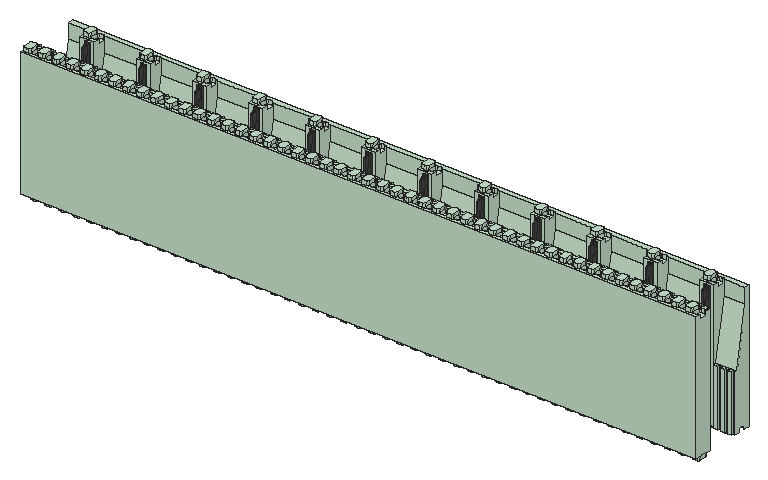
Revit family (continued)
Forms (mm)
  Extrusion 54, void
    sketch origin (1574.8, -0.002, 0) x (-1, 0, 0) y (0, -1, 0)
      loop
        arc (50.8, -101.014) -> (50.362, -98.696) -> (49.108, -96.698) r 6.35
        arc (49.108, -96.698) -> (48.795, -96.199) -> (48.685, -95.62) r 1.588
        line (48.685, -95.62) -> (48.685, -86.829) -> (44.346, -86.829) -> (44.346, -92.457)
        arc (44.346, -92.457) -> (43.786, -93.668) -> (42.5, -94.024) r 1.587
        arc (42.5, -94.024) -> (36.091, -93.737) -> (29.796, -94.972) r 26.988
        arc (29.796, -94.972) -> (26.615, -97.278) -> (25.4, -101.014) r 6.35
        line (25.4, -101.014) -> (25.4, -124.411)
    from 457.2 to 444.5
  Extrusion 55, void
    sketch origin (1371.6, -0.002, 0) x (-1, 0, 0) y (0, -1, 0)
      loop
        arc (25.4, -124.411) -> (26.615, -128.147) -> (29.796, -130.453) r 6.35
        arc (29.796, -130.453) -> (38.1, -131.763) -> (46.404, -130.453) r 26.987
        arc (46.404, -130.453) -> (49.585, -128.147) -> (50.8, -124.411) r 6.35
        line (50.8, -124.411) -> (50.8, -101.014)
        arc (50.8, -101.014) -> (50.362, -98.696) -> (49.108, -96.698) r 6.35
        arc (49.108, -96.698) -> (48.795, -96.199) -> (48.685, -95.62) r 1.588
        line (48.685, -95.62) -> (48.685, -86.829) -> (44.346, -86.829) -> (44.346, -92.457)
        arc (44.346, -92.457) -> (43.786, -93.668) -> (42.5, -94.024) r 1.587
        arc (42.5, -94.024) -> (36.091, -93.737) -> (29.796, -94.972) r 26.988
        arc (29.796, -94.972) -> (26.615, -97.278) -> (25.4, -101.014) r 6.35
        line (25.4, -101.014) -> (25.4, -124.411)
    from 457.2 to 444.5
  Extrusion 56, void
    sketch origin (1168.4, -0.002, 0) x (-1, 0, 0) y (0, -1, 0)
      loop
        arc (25.4, -124.411) -> (26.615, -128.147) -> (29.796, -130.453) r 6.35
        arc (29.796, -130.453) -> (38.1, -131.763) -> (46.404, -130.453) r 26.987
        arc (46.404, -130.453) -> (49.585, -128.147) -> (50.8, -124.411) r 6.35
        line (50.8, -124.411) -> (50.8, -101.014)
        arc (50.8, -101.014) -> (50.362, -98.696) -> (49.108, -96.698) r 6.35
        arc (49.108, -96.698) -> (48.795, -96.199) -> (48.685, -95.62) r 1.588
        line (48.685, -95.62) -> (48.685, -86.829) -> (44.346, -86.829) -> (44.346, -92.457)
        arc (44.346, -92.457) -> (43.786, -93.668) -> (42.5, -94.024) r 1.587
        arc (42.5, -94.024) -> (36.091, -93.737) -> (29.796, -94.972) r 26.988
        arc (29.796, -94.972) -> (26.615, -97.278) -> (25.4, -101.014) r 6.35
        line (25.4, -101.014) -> (25.4, -124.411)
    from 457.2 to 444.5
  Extrusion 57, void
    sketch origin (965.2, -0.002, 0) x (-1, 0, 0) y (0, -1, 0)
      loop
        arc (25.4, -124.411) -> (26.615, -128.147) -> (29.796, -130.453) r 6.35
        arc (29.796, -130.453) -> (38.1, -131.763) -> (46.404, -130.453) r 26.987
        arc (46.404, -130.453) -> (49.585, -128.147) -> (50.8, -124.411) r 6.35
        line (50.8, -124.411) -> (50.8, -101.014)
        arc (50.8, -101.014) -> (50.362, -98.696) -> (49.108, -96.698) r 6.35
        arc (49.108, -96.698) -> (48.795, -96.199) -> (48.685, -95.62) r 1.588
        line (48.685, -95.62) -> (48.685, -86.829) -> (44.346, -86.829) -> (44.346, -92.457)
        arc (44.346, -92.457) -> (43.786, -93.668) -> (42.5, -94.024) r 1.587
        arc (42.5, -94.024) -> (36.091, -93.737) -> (29.796, -94.972) r 26.988
        arc (29.796, -94.972) -> (26.615, -97.278) -> (25.4, -101.014) r 6.35
        line (25.4, -101.014) -> (25.4, -124.411)
    from 457.2 to 444.5
  Extrusion 58, void
    sketch origin (762, -0.002, 0) x (-1, 0, 0) y (0, -1, 0)
      loop
        arc (25.4, -124.411) -> (26.615, -128.147) -> (29.796, -130.453) r 6.35
        arc (29.796, -130.453) -> (38.1, -131.763) -> (46.404, -130.453) r 26.987
        arc (46.404, -130.453) -> (49.585, -128.147) -> (50.8, -124.411) r 6.35
        line (50.8, -124.411) -> (50.8, -101.014)
        arc (50.8, -101.014) -> (50.362, -98.696) -> (49.108, -96.698) r 6.35
        arc (49.108, -96.698) -> (48.795, -96.199) -> (48.685, -95.62) r 1.588
        line (48.685, -95.62) -> (48.685, -86.829) -> (44.346, -86.829) -> (44.346, -92.457)
        arc (44.346, -92.457) -> (43.786, -93.668) -> (42.5, -94.024) r 1.587
        arc (42.5, -94.024) -> (36.091, -93.737) -> (29.796, -94.972) r 26.988
        arc (29.796, -94.972) -> (26.615, -97.278) -> (25.4, -101.014) r 6.35
        line (25.4, -101.014) -> (25.4, -124.411)
    from 457.2 to 444.5
  Extrusion 59, void
    sketch origin (558.8, -0.002, 0) x (-1, 0, 0) y (0, -1, 0)
      loop
        arc (25.4, -124.411) -> (26.615, -128.147) -> (29.796, -130.453) r 6.35
        arc (29.796, -130.453) -> (38.1, -131.763) -> (46.404, -130.453) r 26.987
        arc (46.404, -130.453) -> (49.585, -128.147) -> (50.8, -124.411) r 6.35
        line (50.8, -124.411) -> (50.8, -101.014)
        arc (50.8, -101.014) -> (50.362, -98.696) -> (49.108, -96.698) r 6.35
        arc (49.108, -96.698) -> (48.795, -96.199) -> (48.685, -95.62) r 1.588
        line (48.685, -95.62) -> (48.685, -86.829) -> (44.346, -86.829) -> (44.346, -92.457)
        arc (44.346, -92.457) -> (43.786, -93.668) -> (42.5, -94.024) r 1.587
        arc (42.5, -94.024) -> (36.091, -93.737) -> (29.796, -94.972) r 26.988
        arc (29.796, -94.972) -> (26.615, -97.278) -> (25.4, -101.014) r 6.35
        line (25.4, -101.014) -> (25.4, -124.411)
    from 457.2 to 444.5
  Extrusion 60, void
    sketch origin (355.6, -0.002, 0) x (-1, 0, 0) y (0, -1, 0)
      loop
        arc (25.4, -124.411) -> (26.615, -128.147) -> (29.796, -130.453) r 6.35
        arc (29.796, -130.453) -> (38.1, -131.763) -> (46.404, -130.453) r 26.987
        arc (46.404, -130.453) -> (49.585, -128.147) -> (50.8, -124.411) r 6.35
        line (50.8, -124.411) -> (50.8, -101.014)
        arc (50.8, -101.014) -> (50.362, -98.696) -> (49.108, -96.698) r 6.35
        arc (49.108, -96.698) -> (48.795, -96.199) -> (48.685, -95.62) r 1.588
        line (48.685, -95.62) -> (48.685, -86.829) -> (44.346, -86.829) -> (44.346, -92.457)
        arc (44.346, -92.457) -> (43.786, -93.668) -> (42.5, -94.024) r 1.587
        arc (42.5, -94.024) -> (36.091, -93.737) -> (29.796, -94.972) r 26.988
        arc (29.796, -94.972) -> (26.615, -97.278) -> (25.4, -101.014) r 6.35
        line (25.4, -101.014) -> (25.4, -124.411)
    from 457.2 to 444.5
  Extrusion 61, void
    sketch origin (152.4, -0.002, 0) x (-1, 0, 0) y (0, -1, 0)
      loop
        arc (25.4, -124.411) -> (26.615, -128.147) -> (29.796, -130.453) r 6.35
        arc (29.796, -130.453) -> (38.1, -131.763) -> (46.404, -130.453) r 26.987
        arc (46.404, -130.453) -> (49.585, -128.147) -> (50.8, -124.411) r 6.35
        line (50.8, -124.411) -> (50.8, -101.014)
        arc (50.8, -101.014) -> (50.362, -98.696) -> (49.108, -96.698) r 6.35
        arc (49.108, -96.698) -> (48.795, -96.199) -> (48.685, -95.62) r 1.588
        line (48.685, -95.62) -> (48.685, -86.829) -> (44.346, -86.829) -> (44.346, -92.457)
        arc (44.346, -92.457) -> (43.786, -93.668) -> (42.5, -94.024) r 1.587
        arc (42.5, -94.024) -> (36.091, -93.737) -> (29.796, -94.972) r 26.988
        arc (29.796, -94.972) -> (26.615, -97.278) -> (25.4, -101.014) r 6.35
        line (25.4, -101.014) -> (25.4, -124.411)
    from 457.2 to 444.5
  Extrusion 62, void
    sketch origin (50.8, 50.798, 0) x (-1, 0, 0) y (0, -1, 0)
      loop
        line (25.4, 124.411) -> (25.4, 101.014)
        arc (25.4, 101.014) -> (26.615, 97.278) -> (29.796, 94.972) r 6.35
        arc (29.796, 94.972) -> (36.091, 93.737) -> (42.5, 94.024) r 26.988
        arc (42.5, 94.024) -> (43.786, 93.668) -> (44.346, 92.457) r 1.587
        line (44.346, 92.457) -> (44.346, 86.829) -> (48.685, 86.829) -> (48.685, 95.62)
        arc (48.685, 95.62) -> (48.795, 96.199) -> (49.108, 96.698) r 1.588
        arc (49.108, 96.698) -> (50.362, 98.696) -> (50.8, 101.014) r 6.35
        line (50.8, 101.014) -> (50.8, 124.411)
        arc (50.8, 124.411) -> (49.585, 128.147) -> (46.404, 130.453) r 6.35
        arc (46.404, 130.453) -> (38.1, 131.763) -> (29.796, 130.453) r 26.987
        arc (29.796, 130.453) -> (26.615, 128.147) -> (25.4, 124.411) r 6.35
    from 0 to 12.7
  Extrusion 63, void
    sketch origin (101.6, 50.798, 0) x (-1, 0, 0) y (0, -1, 0)
      loop
        line (25.4, 124.411) -> (25.4, 101.014)
        arc (25.4, 101.014) -> (26.615, 97.278) -> (29.796, 94.972) r 6.35
        arc (29.796, 94.972) -> (36.091, 93.737) -> (42.5, 94.024) r 26.988
        arc (42.5, 94.024) -> (43.786, 93.668) -> (44.346, 92.457) r 1.587
        line (44.346, 92.457) -> (44.346, 86.829) -> (48.685, 86.829) -> (48.685, 95.62)
        arc (48.685, 95.62) -> (48.795, 96.199) -> (49.108, 96.698) r 1.588
        arc (49.108, 96.698) -> (50.362, 98.696) -> (50.8, 101.014) r 6.35
        line (50.8, 101.014) -> (50.8, 124.411)
        arc (50.8, 124.411) -> (49.585, 128.147) -> (46.404, 130.453) r 6.35
        arc (46.404, 130.453) -> (38.1, 131.763) -> (29.796, 130.453) r 26.987
        arc (29.796, 130.453) -> (26.615, 128.147) -> (25.4, 124.411) r 6.35
    from 0 to 12.7
  Extrusion 64, void
    sketch origin (152.4, 50.798, 0) x (-1, 0, 0) y (0, -1, 0)
      loop
        line (25.4, 124.411) -> (25.4, 101.014)
        arc (25.4, 101.014) -> (26.615, 97.278) -> (29.796, 94.972) r 6.35
        arc (29.796, 94.972) -> (36.091, 93.737) -> (42.5, 94.024) r 26.988
        arc (42.5, 94.024) -> (43.786, 93.668) -> (44.346, 92.457) r 1.587
        line (44.346, 92.457) -> (44.346, 86.829) -> (48.685, 86.829) -> (48.685, 95.62)
        arc (48.685, 95.62) -> (48.795, 96.199) -> (49.108, 96.698) r 1.588
        arc (49.108, 96.698) -> (50.362, 98.696) -> (50.8, 101.014) r 6.35
        line (50.8, 101.014) -> (50.8, 124.411)
        arc (50.8, 124.411) -> (49.585, 128.147) -> (46.404, 130.453) r 6.35
        arc (46.404, 130.453) -> (38.1, 131.763) -> (29.796, 130.453) r 26.987
        arc (29.796, 130.453) -> (26.615, 128.147) -> (25.4, 124.411) r 6.35
    from 0 to 12.7
  Extrusion 65, void
    sketch origin (203.2, 50.798, 0) x (-1, 0, 0) y (0, -1, 0)
      loop
        line (25.4, 124.411) -> (25.4, 101.014)
        arc (25.4, 101.014) -> (26.615, 97.278) -> (29.796, 94.972) r 6.35
        arc (29.796, 94.972) -> (36.091, 93.737) -> (42.5, 94.024) r 26.988
        arc (42.5, 94.024) -> (43.786, 93.668) -> (44.346, 92.457) r 1.587
        line (44.346, 92.457) -> (44.346, 86.829) -> (48.685, 86.829) -> (48.685, 95.62)
        arc (48.685, 95.62) -> (48.795, 96.199) -> (49.108, 96.698) r 1.588
        arc (49.108, 96.698) -> (50.362, 98.696) -> (50.8, 101.014) r 6.35
        line (50.8, 101.014) -> (50.8, 124.411)
        arc (50.8, 124.411) -> (49.585, 128.147) -> (46.404, 130.453) r 6.35
        arc (46.404, 130.453) -> (38.1, 131.763) -> (29.796, 130.453) r 26.987
        arc (29.796, 130.453) -> (26.615, 128.147) -> (25.4, 124.411) r 6.35
    from 0 to 12.7
  Extrusion 66, void
    sketch origin (254, 50.798, 0) x (-1, 0, 0) y (0, -1, 0)
      loop
        line (25.4, 124.411) -> (25.4, 101.014)
        arc (25.4, 101.014) -> (26.615, 97.278) -> (29.796, 94.972) r 6.35
        arc (29.796, 94.972) -> (36.091, 93.737) -> (42.5, 94.024) r 26.988
        arc (42.5, 94.024) -> (43.786, 93.668) -> (44.346, 92.457) r 1.587
        line (44.346, 92.457) -> (44.346, 86.829) -> (48.685, 86.829) -> (48.685, 95.62)
        arc (48.685, 95.62) -> (48.795, 96.199) -> (49.108, 96.698) r 1.588
        arc (49.108, 96.698) -> (50.362, 98.696) -> (50.8, 101.014) r 6.35
        line (50.8, 101.014) -> (50.8, 124.411)
        arc (50.8, 124.411) -> (49.585, 128.147) -> (46.404, 130.453) r 6.35
        arc (46.404, 130.453) -> (38.1, 131.763) -> (29.796, 130.453) r 26.987
        arc (29.796, 130.453) -> (26.615, 128.147) -> (25.4, 124.411) r 6.35
    from 0 to 12.7
  Extrusion 67, void
    sketch origin (304.8, 50.798, 0) x (-1, 0, 0) y (0, -1, 0)
      loop
        line (25.4, 124.411) -> (25.4, 101.014)
        arc (25.4, 101.014) -> (26.615, 97.278) -> (29.796, 94.972) r 6.35
        arc (29.796, 94.972) -> (36.091, 93.737) -> (42.5, 94.024) r 26.988
        arc (42.5, 94.024) -> (43.786, 93.668) -> (44.346, 92.457) r 1.587
        line (44.346, 92.457) -> (44.346, 86.829) -> (48.685, 86.829) -> (48.685, 95.62)
        arc (48.685, 95.62) -> (48.795, 96.199) -> (49.108, 96.698) r 1.588
        arc (49.108, 96.698) -> (50.362, 98.696) -> (50.8, 101.014) r 6.35
        line (50.8, 101.014) -> (50.8, 124.411)
        arc (50.8, 124.411) -> (49.585, 128.147) -> (46.404, 130.453) r 6.35
        arc (46.404, 130.453) -> (38.1, 131.763) -> (29.796, 130.453) r 26.987
        arc (29.796, 130.453) -> (26.615, 128.147) -> (25.4, 124.411) r 6.35
    from 0 to 12.7
  Extrusion 68, void
    sketch origin (355.6, 50.798, 0) x (-1, 0, 0) y (0, -1, 0)
      loop
        line (25.4, 124.411) -> (25.4, 101.014)
        arc (25.4, 101.014) -> (26.615, 97.278) -> (29.796, 94.972) r 6.35
        arc (29.796, 94.972) -> (36.091, 93.737) -> (42.5, 94.024) r 26.988
        arc (42.5, 94.024) -> (43.786, 93.668) -> (44.346, 92.457) r 1.587
        line (44.346, 92.457) -> (44.346, 86.829) -> (48.685, 86.829) -> (48.685, 95.62)
        arc (48.685, 95.62) -> (48.795, 96.199) -> (49.108, 96.698) r 1.588
        arc (49.108, 96.698) -> (50.362, 98.696) -> (50.8, 101.014) r 6.35
        line (50.8, 101.014) -> (50.8, 124.411)
        arc (50.8, 124.411) -> (49.585, 128.147) -> (46.404, 130.453) r 6.35
        arc (46.404, 130.453) -> (38.1, 131.763) -> (29.796, 130.453) r 26.987
        arc (29.796, 130.453) -> (26.615, 128.147) -> (25.4, 124.411) r 6.35
    from 0 to 12.7
  Extrusion 69, void
    sketch origin (406.4, 50.798, 0) x (-1, 0, 0) y (0, -1, 0)
      loop
        line (25.4, 124.411) -> (25.4, 101.014)
        arc (25.4, 101.014) -> (26.615, 97.278) -> (29.796, 94.972) r 6.35
        arc (29.796, 94.972) -> (36.091, 93.737) -> (42.5, 94.024) r 26.988
        arc (42.5, 94.024) -> (43.786, 93.668) -> (44.346, 92.457) r 1.587
        line (44.346, 92.457) -> (44.346, 86.829) -> (48.685, 86.829) -> (48.685, 95.62)
        arc (48.685, 95.62) -> (48.795, 96.199) -> (49.108, 96.698) r 1.588
        arc (49.108, 96.698) -> (50.362, 98.696) -> (50.8, 101.014) r 6.35
        line (50.8, 101.014) -> (50.8, 124.411)
        arc (50.8, 124.411) -> (49.585, 128.147) -> (46.404, 130.453) r 6.35
        arc (46.404, 130.453) -> (38.1, 131.763) -> (29.796, 130.453) r 26.987
        arc (29.796, 130.453) -> (26.615, 128.147) -> (25.4, 124.411) r 6.35
    from 0 to 12.7
  Extrusion 70, void
    sketch origin (457.2, 50.798, 0) x (-1, 0, 0) y (0, -1, 0)
      loop
        line (25.4, 124.411) -> (25.4, 101.014)
        arc (25.4, 101.014) -> (26.615, 97.278) -> (29.796, 94.972) r 6.35
        arc (29.796, 94.972) -> (36.091, 93.737) -> (42.5, 94.024) r 26.988
        arc (42.5, 94.024) -> (43.786, 93.668) -> (44.346, 92.457) r 1.587
        line (44.346, 92.457) -> (44.346, 86.829) -> (48.685, 86.829) -> (48.685, 95.62)
        arc (48.685, 95.62) -> (48.795, 96.199) -> (49.108, 96.698) r 1.588
        arc (49.108, 96.698) -> (50.362, 98.696) -> (50.8, 101.014) r 6.35
        line (50.8, 101.014) -> (50.8, 124.411)
        arc (50.8, 124.411) -> (49.585, 128.147) -> (46.404, 130.453) r 6.35
        arc (46.404, 130.453) -> (38.1, 131.763) -> (29.796, 130.453) r 26.987
        arc (29.796, 130.453) -> (26.615, 128.147) -> (25.4, 124.411) r 6.35
    from 0 to 12.7
  Extrusion 71, void
    sketch origin (508, 50.798, 0) x (-1, 0, 0) y (0, -1, 0)
      loop
        line (25.4, 124.411) -> (25.4, 101.014)
        arc (25.4, 101.014) -> (26.615, 97.278) -> (29.796, 94.972) r 6.35
        arc (29.796, 94.972) -> (36.091, 93.737) -> (42.5, 94.024) r 26.988
        arc (42.5, 94.024) -> (43.786, 93.668) -> (44.346, 92.457) r 1.587
        line (44.346, 92.457) -> (44.346, 86.829) -> (48.685, 86.829) -> (48.685, 95.62)
        arc (48.685, 95.62) -> (48.795, 96.199) -> (49.108, 96.698) r 1.588
        arc (49.108, 96.698) -> (50.362, 98.696) -> (50.8, 101.014) r 6.35
        line (50.8, 101.014) -> (50.8, 124.411)
        arc (50.8, 124.411) -> (49.585, 128.147) -> (46.404, 130.453) r 6.35
        arc (46.404, 130.453) -> (38.1, 131.763) -> (29.796, 130.453) r 26.987
        arc (29.796, 130.453) -> (26.615, 128.147) -> (25.4, 124.411) r 6.35
    from 0 to 12.7
  Extrusion 72, void
    sketch origin (558.8, 50.798, 0) x (-1, 0, 0) y (0, -1, 0)
      loop
        line (25.4, 124.411) -> (25.4, 101.014)
        arc (25.4, 101.014) -> (26.615, 97.278) -> (29.796, 94.972) r 6.35
        arc (29.796, 94.972) -> (36.091, 93.737) -> (42.5, 94.024) r 26.988
        arc (42.5, 94.024) -> (43.786, 93.668) -> (44.346, 92.457) r 1.587
        line (44.346, 92.457) -> (44.346, 86.829) -> (48.685, 86.829) -> (48.685, 95.62)
        arc (48.685, 95.62) -> (48.795, 96.199) -> (49.108, 96.698) r 1.588
        arc (49.108, 96.698) -> (50.362, 98.696) -> (50.8, 101.014) r 6.35
        line (50.8, 101.014) -> (50.8, 124.411)
        arc (50.8, 124.411) -> (49.585, 128.147) -> (46.404, 130.453) r 6.35
        arc (46.404, 130.453) -> (38.1, 131.763) -> (29.796, 130.453) r 26.987
        arc (29.796, 130.453) -> (26.615, 128.147) -> (25.4, 124.411) r 6.35
    from 0 to 12.7
  Extrusion 73, void
    sketch origin (609.6, 50.798, 0) x (-1, 0, 0) y (0, -1, 0)
      loop
        line (25.4, 124.411) -> (25.4, 101.014)
        arc (25.4, 101.014) -> (26.615, 97.278) -> (29.796, 94.972) r 6.35
        arc (29.796, 94.972) -> (36.091, 93.737) -> (42.5, 94.024) r 26.988
        arc (42.5, 94.024) -> (43.786, 93.668) -> (44.346, 92.457) r 1.587
        line (44.346, 92.457) -> (44.346, 86.829) -> (48.685, 86.829) -> (48.685, 95.62)
        arc (48.685, 95.62) -> (48.795, 96.199) -> (49.108, 96.698) r 1.588
        arc (49.108, 96.698) -> (50.362, 98.696) -> (50.8, 101.014) r 6.35
        line (50.8, 101.014) -> (50.8, 124.411)
        arc (50.8, 124.411) -> (49.585, 128.147) -> (46.404, 130.453) r 6.35
        arc (46.404, 130.453) -> (38.1, 131.763) -> (29.796, 130.453) r 26.987
        arc (29.796, 130.453) -> (26.615, 128.147) -> (25.4, 124.411) r 6.35
    from 0 to 12.7
  Extrusion 74, void
    sketch origin (660.4, 50.798, 0) x (-1, 0, 0) y (0, -1, 0)
      loop
        line (25.4, 124.411) -> (25.4, 101.014)
        arc (25.4, 101.014) -> (26.615, 97.278) -> (29.796, 94.972) r 6.35
        arc (29.796, 94.972) -> (36.091, 93.737) -> (42.5, 94.024) r 26.988
        arc (42.5, 94.024) -> (43.786, 93.668) -> (44.346, 92.457) r 1.587
        line (44.346, 92.457) -> (44.346, 86.829) -> (48.685, 86.829) -> (48.685, 95.62)
        arc (48.685, 95.62) -> (48.795, 96.199) -> (49.108, 96.698) r 1.588
        arc (49.108, 96.698) -> (50.362, 98.696) -> (50.8, 101.014) r 6.35
        line (50.8, 101.014) -> (50.8, 124.411)
        arc (50.8, 124.411) -> (49.585, 128.147) -> (46.404, 130.453) r 6.35
        arc (46.404, 130.453) -> (38.1, 131.763) -> (29.796, 130.453) r 26.987
        arc (29.796, 130.453) -> (26.615, 128.147) -> (25.4, 124.411) r 6.35
    from 0 to 12.7
  Extrusion 75, void
    sketch origin (711.2, 50.798, 0) x (-1, 0, 0) y (0, -1, 0)
      loop
        line (25.4, 124.411) -> (25.4, 101.014)
        arc (25.4, 101.014) -> (26.615, 97.278) -> (29.796, 94.972) r 6.35
        arc (29.796, 94.972) -> (36.091, 93.737) -> (42.5, 94.024) r 26.988
        arc (42.5, 94.024) -> (43.786, 93.668) -> (44.346, 92.457) r 1.587
        line (44.346, 92.457) -> (44.346, 86.829) -> (48.685, 86.829) -> (48.685, 95.62)
        arc (48.685, 95.62) -> (48.795, 96.199) -> (49.108, 96.698) r 1.588
        arc (49.108, 96.698) -> (50.362, 98.696) -> (50.8, 101.014) r 6.35
        line (50.8, 101.014) -> (50.8, 124.411)
        arc (50.8, 124.411) -> (49.585, 128.147) -> (46.404, 130.453) r 6.35
        arc (46.404, 130.453) -> (38.1, 131.763) -> (29.796, 130.453) r 26.987
        arc (29.796, 130.453) -> (26.615, 128.147) -> (25.4, 124.411) r 6.35
    from 0 to 12.7
  Extrusion 76, void
    sketch origin (762, 50.798, 0) x (-1, 0, 0) y (0, -1, 0)
      loop
        line (25.4, 124.411) -> (25.4, 101.014)
        arc (25.4, 101.014) -> (26.615, 97.278) -> (29.796, 94.972) r 6.35
        arc (29.796, 94.972) -> (36.091, 93.737) -> (42.5, 94.024) r 26.988
        arc (42.5, 94.024) -> (43.786, 93.668) -> (44.346, 92.457) r 1.587
        line (44.346, 92.457) -> (44.346, 86.829) -> (48.685, 86.829) -> (48.685, 95.62)
        arc (48.685, 95.62) -> (48.795, 96.199) -> (49.108, 96.698) r 1.588
        arc (49.108, 96.698) -> (50.362, 98.696) -> (50.8, 101.014) r 6.35
        line (50.8, 101.014) -> (50.8, 124.411)
        arc (50.8, 124.411) -> (49.585, 128.147) -> (46.404, 130.453) r 6.35
        arc (46.404, 130.453) -> (38.1, 131.763) -> (29.796, 130.453) r 26.987
        arc (29.796, 130.453) -> (26.615, 128.147) -> (25.4, 124.411) r 6.35
    from 0 to 12.7
  Extrusion 77, void
    sketch origin (812.8, 50.798, 0) x (-1, 0, 0) y (0, -1, 0)
      loop
        line (25.4, 124.411) -> (25.4, 101.014)
        arc (25.4, 101.014) -> (26.615, 97.278) -> (29.796, 94.972) r 6.35
        arc (29.796, 94.972) -> (36.091, 93.737) -> (42.5, 94.024) r 26.988
        arc (42.5, 94.024) -> (43.786, 93.668) -> (44.346, 92.457) r 1.587
        line (44.346, 92.457) -> (44.346, 86.829) -> (48.685, 86.829) -> (48.685, 95.62)
        arc (48.685, 95.62) -> (48.795, 96.199) -> (49.108, 96.698) r 1.588
        arc (49.108, 96.698) -> (50.362, 98.696) -> (50.8, 101.014) r 6.35
        line (50.8, 101.014) -> (50.8, 124.411)
        arc (50.8, 124.411) -> (49.585, 128.147) -> (46.404, 130.453) r 6.35
        arc (46.404, 130.453) -> (38.1, 131.763) -> (29.796, 130.453) r 26.987
        arc (29.796, 130.453) -> (26.615, 128.147) -> (25.4, 124.411) r 6.35
    from 0 to 12.7
  Extrusion 78, void
    sketch origin (863.6, 50.798, 0) x (-1, 0, 0) y (0, -1, 0)
      loop
        line (25.4, 124.411) -> (25.4, 101.014)
        arc (25.4, 101.014) -> (26.615, 97.278) -> (29.796, 94.972) r 6.35
        arc (29.796, 94.972) -> (36.091, 93.737) -> (42.5, 94.024) r 26.988
        arc (42.5, 94.024) -> (43.786, 93.668) -> (44.346, 92.457) r 1.587
        line (44.346, 92.457) -> (44.346, 86.829) -> (48.685, 86.829) -> (48.685, 95.62)
        arc (48.685, 95.62) -> (48.795, 96.199) -> (49.108, 96.698) r 1.588
        arc (49.108, 96.698) -> (50.362, 98.696) -> (50.8, 101.014) r 6.35
        line (50.8, 101.014) -> (50.8, 124.411)
        arc (50.8, 124.411) -> (49.585, 128.147) -> (46.404, 130.453) r 6.35
        arc (46.404, 130.453) -> (38.1, 131.763) -> (29.796, 130.453) r 26.987
        arc (29.796, 130.453) -> (26.615, 128.147) -> (25.4, 124.411) r 6.35
    from 0 to 12.7
  Extrusion 79, void
    sketch origin (914.4, 50.798, 0) x (-1, 0, 0) y (0, -1, 0)
      loop
        line (25.4, 124.411) -> (25.4, 101.014)
        arc (25.4, 101.014) -> (26.615, 97.278) -> (29.796, 94.972) r 6.35
        arc (29.796, 94.972) -> (36.091, 93.737) -> (42.5, 94.024) r 26.988
        arc (42.5, 94.024) -> (43.786, 93.668) -> (44.346, 92.457) r 1.587
        line (44.346, 92.457) -> (44.346, 86.829) -> (48.685, 86.829) -> (48.685, 95.62)
        arc (48.685, 95.62) -> (48.795, 96.199) -> (49.108, 96.698) r 1.588
        arc (49.108, 96.698) -> (50.362, 98.696) -> (50.8, 101.014) r 6.35
        line (50.8, 101.014) -> (50.8, 124.411)
        arc (50.8, 124.411) -> (49.585, 128.147) -> (46.404, 130.453) r 6.35
        arc (46.404, 130.453) -> (38.1, 131.763) -> (29.796, 130.453) r 26.987
        arc (29.796, 130.453) -> (26.615, 128.147) -> (25.4, 124.411) r 6.35
    from 0 to 12.7
  Extrusion 80, void
    sketch origin (965.2, 50.798, 0) x (-1, 0, 0) y (0, -1, 0)
      loop
        line (25.4, 124.411) -> (25.4, 101.014)
        arc (25.4, 101.014) -> (26.615, 97.278) -> (29.796, 94.972) r 6.35
        arc (29.796, 94.972) -> (36.091, 93.737) -> (42.5, 94.024) r 26.988
        arc (42.5, 94.024) -> (43.786, 93.668) -> (44.346, 92.457) r 1.587
        line (44.346, 92.457) -> (44.346, 86.829) -> (48.685, 86.829) -> (48.685, 95.62)
        arc (48.685, 95.62) -> (48.795, 96.199) -> (49.108, 96.698) r 1.588
        arc (49.108, 96.698) -> (50.362, 98.696) -> (50.8, 101.014) r 6.35
        line (50.8, 101.014) -> (50.8, 124.411)
        arc (50.8, 124.411) -> (49.585, 128.147) -> (46.404, 130.453) r 6.35
        arc (46.404, 130.453) -> (38.1, 131.763) -> (29.796, 130.453) r 26.987
        arc (29.796, 130.453) -> (26.615, 128.147) -> (25.4, 124.411) r 6.35
    from 0 to 12.7
  Extrusion 81, void
    sketch origin (1016, 50.798, 0) x (-1, 0, 0) y (0, -1, 0)
      loop
        line (25.4, 124.411) -> (25.4, 101.014)
        arc (25.4, 101.014) -> (26.615, 97.278) -> (29.796, 94.972) r 6.35
        arc (29.796, 94.972) -> (36.091, 93.737) -> (42.5, 94.024) r 26.988
        arc (42.5, 94.024) -> (43.786, 93.668) -> (44.346, 92.457) r 1.587
        line (44.346, 92.457) -> (44.346, 86.829) -> (48.685, 86.829) -> (48.685, 95.62)
        arc (48.685, 95.62) -> (48.795, 96.199) -> (49.108, 96.698) r 1.588
        arc (49.108, 96.698) -> (50.362, 98.696) -> (50.8, 101.014) r 6.35
        line (50.8, 101.014) -> (50.8, 124.411)
        arc (50.8, 124.411) -> (49.585, 128.147) -> (46.404, 130.453) r 6.35
        arc (46.404, 130.453) -> (38.1, 131.763) -> (29.796, 130.453) r 26.987
        arc (29.796, 130.453) -> (26.615, 128.147) -> (25.4, 124.411) r 6.35
    from 0 to 12.7
  Extrusion 82, void
    sketch origin (1066.8, 50.798, 0) x (-1, 0, 0) y (0, -1, 0)
      loop
        line (25.4, 124.411) -> (25.4, 101.014)
        arc (25.4, 101.014) -> (26.615, 97.278) -> (29.796, 94.972) r 6.35
        arc (29.796, 94.972) -> (36.091, 93.737) -> (42.5, 94.024) r 26.988
        arc (42.5, 94.024) -> (43.786, 93.668) -> (44.346, 92.457) r 1.587
        line (44.346, 92.457) -> (44.346, 86.829) -> (48.685, 86.829) -> (48.685, 95.62)
        arc (48.685, 95.62) -> (48.795, 96.199) -> (49.108, 96.698) r 1.588
        arc (49.108, 96.698) -> (50.362, 98.696) -> (50.8, 101.014) r 6.35
        line (50.8, 101.014) -> (50.8, 124.411)
        arc (50.8, 124.411) -> (49.585, 128.147) -> (46.404, 130.453) r 6.35
        arc (46.404, 130.453) -> (38.1, 131.763) -> (29.796, 130.453) r 26.987
        arc (29.796, 130.453) -> (26.615, 128.147) -> (25.4, 124.411) r 6.35
    from 0 to 12.7
  Extrusion 83, void
    sketch origin (1117.6, 50.798, 0) x (-1, 0, 0) y (0, -1, 0)
      loop
        line (25.4, 124.411) -> (25.4, 101.014)
        arc (25.4, 101.014) -> (26.615, 97.278) -> (29.796, 94.972) r 6.35
        arc (29.796, 94.972) -> (36.091, 93.737) -> (42.5, 94.024) r 26.988
        arc (42.5, 94.024) -> (43.786, 93.668) -> (44.346, 92.457) r 1.587
        line (44.346, 92.457) -> (44.346, 86.829) -> (48.685, 86.829) -> (48.685, 95.62)
        arc (48.685, 95.62) -> (48.795, 96.199) -> (49.108, 96.698) r 1.588
        arc (49.108, 96.698) -> (50.362, 98.696) -> (50.8, 101.014) r 6.35
        line (50.8, 101.014) -> (50.8, 124.411)
        arc (50.8, 124.411) -> (49.585, 128.147) -> (46.404, 130.453) r 6.35
        arc (46.404, 130.453) -> (38.1, 131.763) -> (29.796, 130.453) r 26.987
        arc (29.796, 130.453) -> (26.615, 128.147) -> (25.4, 124.411) r 6.35
    from 0 to 12.7
  Extrusion 84, void
    sketch origin (1168.4, 50.798, 0) x (-1, 0, 0) y (0, -1, 0)
      loop
        line (25.4, 124.411) -> (25.4, 101.014)
        arc (25.4, 101.014) -> (26.615, 97.278) -> (29.796, 94.972) r 6.35
        arc (29.796, 94.972) -> (36.091, 93.737) -> (42.5, 94.024) r 26.988
        arc (42.5, 94.024) -> (43.786, 93.668) -> (44.346, 92.457) r 1.587
        line (44.346, 92.457) -> (44.346, 86.829) -> (48.685, 86.829) -> (48.685, 95.62)
        arc (48.685, 95.62) -> (48.795, 96.199) -> (49.108, 96.698) r 1.588
        arc (49.108, 96.698) -> (50.362, 98.696) -> (50.8, 101.014) r 6.35
        line (50.8, 101.014) -> (50.8, 124.411)
        arc (50.8, 124.411) -> (49.585, 128.147) -> (46.404, 130.453) r 6.35
        arc (46.404, 130.453) -> (38.1, 131.763) -> (29.796, 130.453) r 26.987
        arc (29.796, 130.453) -> (26.615, 128.147) -> (25.4, 124.411) r 6.35
    from 0 to 12.7
  Extrusion 85, void
    sketch origin (1219.2, 50.798, 0) x (-1, 0, 0) y (0, -1, 0)
      loop
        line (25.4, 124.411) -> (25.4, 101.014)
        arc (25.4, 101.014) -> (26.615, 97.278) -> (29.796, 94.972) r 6.35
        arc (29.796, 94.972) -> (36.091, 93.737) -> (42.5, 94.024) r 26.988
        arc (42.5, 94.024) -> (43.786, 93.668) -> (44.346, 92.457) r 1.587
        line (44.346, 92.457) -> (44.346, 86.829) -> (48.685, 86.829) -> (48.685, 95.62)
        arc (48.685, 95.62) -> (48.795, 96.199) -> (49.108, 96.698) r 1.588
        arc (49.108, 96.698) -> (50.362, 98.696) -> (50.8, 101.014) r 6.35
        line (50.8, 101.014) -> (50.8, 124.411)
        arc (50.8, 124.411) -> (49.585, 128.147) -> (46.404, 130.453) r 6.35
        arc (46.404, 130.453) -> (38.1, 131.763) -> (29.796, 130.453) r 26.987
        arc (29.796, 130.453) -> (26.615, 128.147) -> (25.4, 124.411) r 6.35
    from 0 to 12.7
  Extrusion 86, void
    sketch origin (1270, 50.798, 0) x (-1, 0, 0) y (0, -1, 0)
      loop
        line (25.4, 124.411) -> (25.4, 101.014)
        arc (25.4, 101.014) -> (26.615, 97.278) -> (29.796, 94.972) r 6.35
        arc (29.796, 94.972) -> (36.091, 93.737) -> (42.5, 94.024) r 26.988
        arc (42.5, 94.024) -> (43.786, 93.668) -> (44.346, 92.457) r 1.587
        line (44.346, 92.457) -> (44.346, 86.829) -> (48.685, 86.829) -> (48.685, 95.62)
        arc (48.685, 95.62) -> (48.795, 96.199) -> (49.108, 96.698) r 1.588
        arc (49.108, 96.698) -> (50.362, 98.696) -> (50.8, 101.014) r 6.35
        line (50.8, 101.014) -> (50.8, 124.411)
        arc (50.8, 124.411) -> (49.585, 128.147) -> (46.404, 130.453) r 6.35
        arc (46.404, 130.453) -> (38.1, 131.763) -> (29.796, 130.453) r 26.987
        arc (29.796, 130.453) -> (26.615, 128.147) -> (25.4, 124.411) r 6.35
    from 0 to 12.7
  Extrusion 87, void
    sketch origin (1320.8, 50.798, 0) x (-1, 0, 0) y (0, -1, 0)
      loop
        line (25.4, 124.411) -> (25.4, 101.014)
        arc (25.4, 101.014) -> (26.615, 97.278) -> (29.796, 94.972) r 6.35
        arc (29.796, 94.972) -> (36.091, 93.737) -> (42.5, 94.024) r 26.988
        arc (42.5, 94.024) -> (43.786, 93.668) -> (44.346, 92.457) r 1.587
        line (44.346, 92.457) -> (44.346, 86.829) -> (48.685, 86.829) -> (48.685, 95.62)
        arc (48.685, 95.62) -> (48.795, 96.199) -> (49.108, 96.698) r 1.588
        arc (49.108, 96.698) -> (50.362, 98.696) -> (50.8, 101.014) r 6.35
        line (50.8, 101.014) -> (50.8, 124.411)
        arc (50.8, 124.411) -> (49.585, 128.147) -> (46.404, 130.453) r 6.35
        arc (46.404, 130.453) -> (38.1, 131.763) -> (29.796, 130.453) r 26.987
        arc (29.796, 130.453) -> (26.615, 128.147) -> (25.4, 124.411) r 6.35
    from 0 to 12.7
  Extrusion 88, void
    sketch origin (1371.6, 50.798, 0) x (-1, 0, 0) y (0, -1, 0)
      loop
        line (25.4, 124.411) -> (25.4, 101.014)
        arc (25.4, 101.014) -> (26.615, 97.278) -> (29.796, 94.972) r 6.35
        arc (29.796, 94.972) -> (36.091, 93.737) -> (42.5, 94.024) r 26.988
        arc (42.5, 94.024) -> (43.786, 93.668) -> (44.346, 92.457) r 1.587
        line (44.346, 92.457) -> (44.346, 86.829) -> (48.685, 86.829) -> (48.685, 95.62)
        arc (48.685, 95.62) -> (48.795, 96.199) -> (49.108, 96.698) r 1.588
        arc (49.108, 96.698) -> (50.362, 98.696) -> (50.8, 101.014) r 6.35
        line (50.8, 101.014) -> (50.8, 124.411)
        arc (50.8, 124.411) -> (49.585, 128.147) -> (46.404, 130.453) r 6.35
        arc (46.404, 130.453) -> (38.1, 131.763) -> (29.796, 130.453) r 26.987
        arc (29.796, 130.453) -> (26.615, 128.147) -> (25.4, 124.411) r 6.35
    from 0 to 12.7
  Extrusion 89, void
    sketch origin (1422.4, 50.798, 0) x (-1, 0, 0) y (0, -1, 0)
      loop
        line (25.4, 124.411) -> (25.4, 101.014)
        arc (25.4, 101.014) -> (26.615, 97.278) -> (29.796, 94.972) r 6.35
        arc (29.796, 94.972) -> (36.091, 93.737) -> (42.5, 94.024) r 26.988
        arc (42.5, 94.024) -> (43.786, 93.668) -> (44.346, 92.457) r 1.587
        line (44.346, 92.457) -> (44.346, 86.829) -> (48.685, 86.829) -> (48.685, 95.62)
        arc (48.685, 95.62) -> (48.795, 96.199) -> (49.108, 96.698) r 1.588
        arc (49.108, 96.698) -> (50.362, 98.696) -> (50.8, 101.014) r 6.35
        line (50.8, 101.014) -> (50.8, 124.411)
        arc (50.8, 124.411) -> (49.585, 128.147) -> (46.404, 130.453) r 6.35
        arc (46.404, 130.453) -> (38.1, 131.763) -> (29.796, 130.453) r 26.987
        arc (29.796, 130.453) -> (26.615, 128.147) -> (25.4, 124.411) r 6.35
    from 0 to 12.7
  Extrusion 90, void
    sketch origin (1473.2, 50.798, 0) x (-1, 0, 0) y (0, -1, 0)
      loop
        line (25.4, 124.411) -> (25.4, 101.014)
        arc (25.4, 101.014) -> (26.615, 97.278) -> (29.796, 94.972) r 6.35
        arc (29.796, 94.972) -> (36.091, 93.737) -> (42.5, 94.024) r 26.988
        arc (42.5, 94.024) -> (43.786, 93.668) -> (44.346, 92.457) r 1.587
        line (44.346, 92.457) -> (44.346, 86.829) -> (48.685, 86.829) -> (48.685, 95.62)
        arc (48.685, 95.62) -> (48.795, 96.199) -> (49.108, 96.698) r 1.588
        arc (49.108, 96.698) -> (50.362, 98.696) -> (50.8, 101.014) r 6.35
        line (50.8, 101.014) -> (50.8, 124.411)
        arc (50.8, 124.411) -> (49.585, 128.147) -> (46.404, 130.453) r 6.35
        arc (46.404, 130.453) -> (38.1, 131.763) -> (29.796, 130.453) r 26.987
        arc (29.796, 130.453) -> (26.615, 128.147) -> (25.4, 124.411) r 6.35
    from 0 to 12.7
  Extrusion 91, void
    sketch origin (1524, 50.798, 0) x (-1, 0, 0) y (0, -1, 0)
      loop
        line (25.4, 124.411) -> (25.4, 101.014)
        arc (25.4, 101.014) -> (26.615, 97.278) -> (29.796, 94.972) r 6.35
        arc (29.796, 94.972) -> (36.091, 93.737) -> (42.5, 94.024) r 26.988
        arc (42.5, 94.024) -> (43.786, 93.668) -> (44.346, 92.457) r 1.587
        line (44.346, 92.457) -> (44.346, 86.829) -> (48.685, 86.829) -> (48.685, 95.62)
        arc (48.685, 95.62) -> (48.795, 96.199) -> (49.108, 96.698) r 1.588
        arc (49.108, 96.698) -> (50.362, 98.696) -> (50.8, 101.014) r 6.35
        line (50.8, 101.014) -> (50.8, 124.411)
        arc (50.8, 124.411) -> (49.585, 128.147) -> (46.404, 130.453) r 6.35
        arc (46.404, 130.453) -> (38.1, 131.763) -> (29.796, 130.453) r 26.987
        arc (29.796, 130.453) -> (26.615, 128.147) -> (25.4, 124.411) r 6.35
    from 0 to 12.7
  Extrusion 92, void
    sketch origin (1574.8, 50.798, 0) x (-1, 0, 0) y (0, -1, 0)
      loop
        line (25.4, 124.411) -> (25.4, 101.014)
        arc (25.4, 101.014) -> (26.615, 97.278) -> (29.796, 94.972) r 6.35
        arc (29.796, 94.972) -> (36.091, 93.737) -> (42.5, 94.024) r 26.988
        arc (42.5, 94.024) -> (43.786, 93.668) -> (44.346, 92.457) r 1.587
        line (44.346, 92.457) -> (44.346, 86.829) -> (48.685, 86.829) -> (48.685, 95.62)
        arc (48.685, 95.62) -> (48.795, 96.199) -> (49.108, 96.698) r 1.588
        arc (49.108, 96.698) -> (50.362, 98.696) -> (50.8, 101.014) r 6.35
        line (50.8, 101.014) -> (50.8, 124.411)
        arc (50.8, 124.411) -> (49.585, 128.147) -> (46.404, 130.453) r 6.35
        arc (46.404, 130.453) -> (38.1, 131.763) -> (29.796, 130.453) r 26.987
        arc (29.796, 130.453) -> (26.615, 128.147) -> (25.4, 124.411) r 6.35
    from 0 to 12.7
  Extrusion 93, void
    sketch origin (1625.6, 50.798, 0) x (-1, 0, 0) y (0, -1, 0)
      loop
        line (25.4, 124.411) -> (25.4, 101.014)
        arc (25.4, 101.014) -> (26.615, 97.278) -> (29.796, 94.972) r 6.35
        arc (29.796, 94.972) -> (36.091, 93.737) -> (42.5, 94.024) r 26.988
        arc (42.5, 94.024) -> (43.786, 93.668) -> (44.346, 92.457) r 1.587
        line (44.346, 92.457) -> (44.346, 86.829) -> (48.685, 86.829) -> (48.685, 95.62)
        arc (48.685, 95.62) -> (48.795, 96.199) -> (49.108, 96.698) r 1.588
        arc (49.108, 96.698) -> (50.362, 98.696) -> (50.8, 101.014) r 6.35
        line (50.8, 101.014) -> (50.8, 124.411)
        arc (50.8, 124.411) -> (49.585, 128.147) -> (46.404, 130.453) r 6.35
        arc (46.404, 130.453) -> (38.1, 131.763) -> (29.796, 130.453) r 26.987
        arc (29.796, 130.453) -> (26.615, 128.147) -> (25.4, 124.411) r 6.35
    from 0 to 12.7
  Extrusion 94, void
    sketch origin (1676.4, 50.798, 0) x (-1, 0, 0) y (0, -1, 0)
      loop
        line (25.4, 124.411) -> (25.4, 101.014)
        arc (25.4, 101.014) -> (26.615, 97.278) -> (29.796, 94.972) r 6.35
        arc (29.796, 94.972) -> (36.091, 93.737) -> (42.5, 94.024) r 26.988
        arc (42.5, 94.024) -> (43.786, 93.668) -> (44.346, 92.457) r 1.587
        line (44.346, 92.457) -> (44.346, 86.829) -> (48.685, 86.829) -> (48.685, 95.62)
        arc (48.685, 95.62) -> (48.795, 96.199) -> (49.108, 96.698) r 1.588
        arc (49.108, 96.698) -> (50.362, 98.696) -> (50.8, 101.014) r 6.35
        line (50.8, 101.014) -> (50.8, 124.411)
        arc (50.8, 124.411) -> (49.585, 128.147) -> (46.404, 130.453) r 6.35
        arc (46.404, 130.453) -> (38.1, 131.763) -> (29.796, 130.453) r 26.987
        arc (29.796, 130.453) -> (26.615, 128.147) -> (25.4, 124.411) r 6.35
    from 0 to 12.7
  Extrusion 95, void
    sketch origin (1727.2, 50.798, 0) x (-1, 0, 0) y (0, -1, 0)
      loop
        line (25.4, 124.411) -> (25.4, 101.014)
        arc (25.4, 101.014) -> (26.615, 97.278) -> (29.796, 94.972) r 6.35
        arc (29.796, 94.972) -> (36.091, 93.737) -> (42.5, 94.024) r 26.988
        arc (42.5, 94.024) -> (43.786, 93.668) -> (44.346, 92.457) r 1.587
        line (44.346, 92.457) -> (44.346, 86.829) -> (48.685, 86.829) -> (48.685, 95.62)
        arc (48.685, 95.62) -> (48.795, 96.199) -> (49.108, 96.698) r 1.588
        arc (49.108, 96.698) -> (50.362, 98.696) -> (50.8, 101.014) r 6.35
        line (50.8, 101.014) -> (50.8, 124.411)
        arc (50.8, 124.411) -> (49.585, 128.147) -> (46.404, 130.453) r 6.35
        arc (46.404, 130.453) -> (38.1, 131.763) -> (29.796, 130.453) r 26.987
        arc (29.796, 130.453) -> (26.615, 128.147) -> (25.4, 124.411) r 6.35
    from 0 to 12.7
  Extrusion 96, void
    sketch origin (1778, 50.798, 0) x (-1, 0, 0) y (0, -1, 0)
      loop
        line (25.4, 124.411) -> (25.4, 101.014)
        arc (25.4, 101.014) -> (26.615, 97.278) -> (29.796, 94.972) r 6.35
        arc (29.796, 94.972) -> (36.091, 93.737) -> (42.5, 94.024) r 26.988
        arc (42.5, 94.024) -> (43.786, 93.668) -> (44.346, 92.457) r 1.587
        line (44.346, 92.457) -> (44.346, 86.829) -> (48.685, 86.829) -> (48.685, 95.62)
        arc (48.685, 95.62) -> (48.795, 96.199) -> (49.108, 96.698) r 1.588
        arc (49.108, 96.698) -> (50.362, 98.696) -> (50.8, 101.014) r 6.35
        line (50.8, 101.014) -> (50.8, 124.411)
        arc (50.8, 124.411) -> (49.585, 128.147) -> (46.404, 130.453) r 6.35
        arc (46.404, 130.453) -> (38.1, 131.763) -> (29.796, 130.453) r 26.987
        arc (29.796, 130.453) -> (26.615, 128.147) -> (25.4, 124.411) r 6.35
    from 0 to 12.7
  Extrusion 97, void
    sketch origin (1828.8, 50.798, 0) x (-1, 0, 0) y (0, -1, 0)
      loop
        line (25.4, 124.411) -> (25.4, 101.014)
        arc (25.4, 101.014) -> (26.615, 97.278) -> (29.796, 94.972) r 6.35
        arc (29.796, 94.972) -> (36.091, 93.737) -> (42.5, 94.024) r 26.988
        arc (42.5, 94.024) -> (43.786, 93.668) -> (44.346, 92.457) r 1.587
        line (44.346, 92.457) -> (44.346, 86.829) -> (48.685, 86.829) -> (48.685, 95.62)
        arc (48.685, 95.62) -> (48.795, 96.199) -> (49.108, 96.698) r 1.588
        arc (49.108, 96.698) -> (50.362, 98.696) -> (50.8, 101.014) r 6.35
        line (50.8, 101.014) -> (50.8, 124.411)
        arc (50.8, 124.411) -> (49.585, 128.147) -> (46.404, 130.453) r 6.35
        arc (46.404, 130.453) -> (38.1, 131.763) -> (29.796, 130.453) r 26.987
        arc (29.796, 130.453) -> (26.615, 128.147) -> (25.4, 124.411) r 6.35
    from 0 to 12.7
  Extrusion 98, void
    sketch origin (1879.6, 50.798, 0) x (-1, 0, 0) y (0, -1, 0)
      loop
        line (25.4, 124.411) -> (25.4, 101.014)
        arc (25.4, 101.014) -> (26.615, 97.278) -> (29.796, 94.972) r 6.35
        arc (29.796, 94.972) -> (36.091, 93.737) -> (42.5, 94.024) r 26.988
        arc (42.5, 94.024) -> (43.786, 93.668) -> (44.346, 92.457) r 1.587
        line (44.346, 92.457) -> (44.346, 86.829) -> (48.685, 86.829) -> (48.685, 95.62)
        arc (48.685, 95.62) -> (48.795, 96.199) -> (49.108, 96.698) r 1.588
        arc (49.108, 96.698) -> (50.362, 98.696) -> (50.8, 101.014) r 6.35
        line (50.8, 101.014) -> (50.8, 124.411)
        arc (50.8, 124.411) -> (49.585, 128.147) -> (46.404, 130.453) r 6.35
        arc (46.404, 130.453) -> (38.1, 131.763) -> (29.796, 130.453) r 26.987
        arc (29.796, 130.453) -> (26.615, 128.147) -> (25.4, 124.411) r 6.35
    from 0 to 12.7
  Extrusion 99, void
    sketch origin (1930.4, 50.798, 0) x (-1, 0, 0) y (0, -1, 0)
      loop
        line (25.4, 124.411) -> (25.4, 101.014)
        arc (25.4, 101.014) -> (26.615, 97.278) -> (29.796, 94.972) r 6.35
        arc (29.796, 94.972) -> (36.091, 93.737) -> (42.5, 94.024) r 26.988
        arc (42.5, 94.024) -> (43.786, 93.668) -> (44.346, 92.457) r 1.587
        line (44.346, 92.457) -> (44.346, 86.829) -> (48.685, 86.829) -> (48.685, 95.62)
        arc (48.685, 95.62) -> (48.795, 96.199) -> (49.108, 96.698) r 1.588
        arc (49.108, 96.698) -> (50.362, 98.696) -> (50.8, 101.014) r 6.35
        line (50.8, 101.014) -> (50.8, 124.411)
        arc (50.8, 124.411) -> (49.585, 128.147) -> (46.404, 130.453) r 6.35
        arc (46.404, 130.453) -> (38.1, 131.763) -> (29.796, 130.453) r 26.987
        arc (29.796, 130.453) -> (26.615, 128.147) -> (25.4, 124.411) r 6.35
    from 0 to 12.7
  Extrusion 100, void
    sketch origin (1981.2, 50.798, 0) x (-1, 0, 0) y (0, -1, 0)
      loop
        line (25.4, 124.411) -> (25.4, 101.014)
        arc (25.4, 101.014) -> (26.615, 97.278) -> (29.796, 94.972) r 6.35
        arc (29.796, 94.972) -> (36.091, 93.737) -> (42.5, 94.024) r 26.988
        arc (42.5, 94.024) -> (43.786, 93.668) -> (44.346, 92.457) r 1.587
        line (44.346, 92.457) -> (44.346, 86.829) -> (48.685, 86.829) -> (48.685, 95.62)
        arc (48.685, 95.62) -> (48.795, 96.199) -> (49.108, 96.698) r 1.588
        arc (49.108, 96.698) -> (50.362, 98.696) -> (50.8, 101.014) r 6.35
        line (50.8, 101.014) -> (50.8, 124.411)
        arc (50.8, 124.411) -> (49.585, 128.147) -> (46.404, 130.453) r 6.35
        arc (46.404, 130.453) -> (38.1, 131.763) -> (29.796, 130.453) r 26.987
        arc (29.796, 130.453) -> (26.615, 128.147) -> (25.4, 124.411) r 6.35
    from 0 to 12.7
  Extrusion 101, void
    sketch origin (2032, 50.798, 0) x (-1, 0, 0) y (0, -1, 0)
      loop
        line (25.4, 124.411) -> (25.4, 101.014)
        arc (25.4, 101.014) -> (26.615, 97.278) -> (29.796, 94.972) r 6.35
        arc (29.796, 94.972) -> (36.091, 93.737) -> (42.5, 94.024) r 26.988
        arc (42.5, 94.024) -> (43.786, 93.668) -> (44.346, 92.457) r 1.587
        line (44.346, 92.457) -> (44.346, 86.829) -> (48.685, 86.829) -> (48.685, 95.62)
        arc (48.685, 95.62) -> (48.795, 96.199) -> (49.108, 96.698) r 1.588
        arc (49.108, 96.698) -> (50.362, 98.696) -> (50.8, 101.014) r 6.35
        line (50.8, 101.014) -> (50.8, 124.411)
        arc (50.8, 124.411) -> (49.585, 128.147) -> (46.404, 130.453) r 6.35
        arc (46.404, 130.453) -> (38.1, 131.763) -> (29.796, 130.453) r 26.987
        arc (29.796, 130.453) -> (26.615, 128.147) -> (25.4, 124.411) r 6.35
    from 0 to 12.7
  Extrusion 102, void
    sketch origin (2082.8, 50.798, 0) x (-1, 0, 0) y (0, -1, 0)
      loop
        line (25.4, 124.411) -> (25.4, 101.014)
        arc (25.4, 101.014) -> (26.615, 97.278) -> (29.796, 94.972) r 6.35
        arc (29.796, 94.972) -> (36.091, 93.737) -> (42.5, 94.024) r 26.988
        arc (42.5, 94.024) -> (43.786, 93.668) -> (44.346, 92.457) r 1.587
        line (44.346, 92.457) -> (44.346, 86.829) -> (48.685, 86.829) -> (48.685, 95.62)
        arc (48.685, 95.62) -> (48.795, 96.199) -> (49.108, 96.698) r 1.588
        arc (49.108, 96.698) -> (50.362, 98.696) -> (50.8, 101.014) r 6.35
        line (50.8, 101.014) -> (50.8, 124.411)
        arc (50.8, 124.411) -> (49.585, 128.147) -> (46.404, 130.453) r 6.35
        arc (46.404, 130.453) -> (38.1, 131.763) -> (29.796, 130.453) r 26.987
        arc (29.796, 130.453) -> (26.615, 128.147) -> (25.4, 124.411) r 6.35
    from 0 to 12.7
  Extrusion 103, void
    sketch origin (2133.6, 50.798, 0) x (-1, 0, 0) y (0, -1, 0)
      loop
        line (25.4, 124.411) -> (25.4, 101.014)
        arc (25.4, 101.014) -> (26.615, 97.278) -> (29.796, 94.972) r 6.35
        arc (29.796, 94.972) -> (36.091, 93.737) -> (42.5, 94.024) r 26.988
        arc (42.5, 94.024) -> (43.786, 93.668) -> (44.346, 92.457) r 1.587
        line (44.346, 92.457) -> (44.346, 86.829) -> (48.685, 86.829) -> (48.685, 95.62)
        arc (48.685, 95.62) -> (48.795, 96.199) -> (49.108, 96.698) r 1.588
        arc (49.108, 96.698) -> (50.362, 98.696) -> (50.8, 101.014) r 6.35
        line (50.8, 101.014) -> (50.8, 124.411)
        arc (50.8, 124.411) -> (49.585, 128.147) -> (46.404, 130.453) r 6.35
        arc (46.404, 130.453) -> (38.1, 131.763) -> (29.796, 130.453) r 26.987
        arc (29.796, 130.453) -> (26.615, 128.147) -> (25.4, 124.411) r 6.35
    from 0 to 12.7
  Extrusion 104, void
    sketch origin (2184.4, 50.798, 0) x (-1, 0, 0) y (0, -1, 0)
      loop
        line (25.4, 124.411) -> (25.4, 101.014)
        arc (25.4, 101.014) -> (26.615, 97.278) -> (29.796, 94.972) r 6.35
        arc (29.796, 94.972) -> (36.091, 93.737) -> (42.5, 94.024) r 26.988
        arc (42.5, 94.024) -> (43.786, 93.668) -> (44.346, 92.457) r 1.587
        line (44.346, 92.457) -> (44.346, 86.829) -> (48.685, 86.829) -> (48.685, 95.62)
        arc (48.685, 95.62) -> (48.795, 96.199) -> (49.108, 96.698) r 1.588
        arc (49.108, 96.698) -> (50.362, 98.696) -> (50.8, 101.014) r 6.35
        line (50.8, 101.014) -> (50.8, 124.411)
        arc (50.8, 124.411) -> (49.585, 128.147) -> (46.404, 130.453) r 6.35
        arc (46.404, 130.453) -> (38.1, 131.763) -> (29.796, 130.453) r 26.987
        arc (29.796, 130.453) -> (26.615, 128.147) -> (25.4, 124.411) r 6.35
    from 0 to 12.7
  Extrusion 105, void
    sketch origin (2235.2, 50.798, 0) x (-1, 0, 0) y (0, -1, 0)
      loop
        line (25.4, 124.411) -> (25.4, 101.014)
        arc (25.4, 101.014) -> (26.615, 97.278) -> (29.796, 94.972) r 6.35
        arc (29.796, 94.972) -> (36.091, 93.737) -> (42.5, 94.024) r 26.988
        arc (42.5, 94.024) -> (43.786, 93.668) -> (44.346, 92.457) r 1.587
        line (44.346, 92.457) -> (44.346, 86.829) -> (48.685, 86.829) -> (48.685, 95.62)
        arc (48.685, 95.62) -> (48.795, 96.199) -> (49.108, 96.698) r 1.588
        arc (49.108, 96.698) -> (50.362, 98.696) -> (50.8, 101.014) r 6.35
        line (50.8, 101.014) -> (50.8, 124.411)
        arc (50.8, 124.411) -> (49.585, 128.147) -> (46.404, 130.453) r 6.35
        arc (46.404, 130.453) -> (38.1, 131.763) -> (29.796, 130.453) r 26.987
        arc (29.796, 130.453) -> (26.615, 128.147) -> (25.4, 124.411) r 6.35
    from 0 to 12.7
  Extrusion 106, void
    sketch origin (2286, 50.798, 0) x (-1, 0, 0) y (0, -1, 0)
      loop
        line (25.4, 124.411) -> (25.4, 101.014)
        arc (25.4, 101.014) -> (26.615, 97.278) -> (29.796, 94.972) r 6.35
        arc (29.796, 94.972) -> (36.091, 93.737) -> (42.5, 94.024) r 26.988
        arc (42.5, 94.024) -> (43.786, 93.668) -> (44.346, 92.457) r 1.587
        line (44.346, 92.457) -> (44.346, 86.829) -> (48.685, 86.829) -> (48.685, 95.62)
        arc (48.685, 95.62) -> (48.795, 96.199) -> (49.108, 96.698) r 1.588
        arc (49.108, 96.698) -> (50.362, 98.696) -> (50.8, 101.014) r 6.35
        line (50.8, 101.014) -> (50.8, 124.411)
        arc (50.8, 124.411) -> (49.585, 128.147) -> (46.404, 130.453) r 6.35
        arc (46.404, 130.453) -> (38.1, 131.763) -> (29.796, 130.453) r 26.987
        arc (29.796, 130.453) -> (26.615, 128.147) -> (25.4, 124.411) r 6.35
    from 0 to 12.7
  Extrusion 107, void
    sketch origin (2336.8, 50.798, 0) x (-1, 0, 0) y (0, -1, 0)
      loop
        line (25.4, 124.411) -> (25.4, 101.014)
        arc (25.4, 101.014) -> (26.615, 97.278) -> (29.796, 94.972) r 6.35
        arc (29.796, 94.972) -> (36.091, 93.737) -> (42.5, 94.024) r 26.988
        arc (42.5, 94.024) -> (43.786, 93.668) -> (44.346, 92.457) r 1.587
        line (44.346, 92.457) -> (44.346, 86.829) -> (48.685, 86.829) -> (48.685, 95.62)
        arc (48.685, 95.62) -> (48.795, 96.199) -> (49.108, 96.698) r 1.588
        arc (49.108, 96.698) -> (50.362, 98.696) -> (50.8, 101.014) r 6.35
        line (50.8, 101.014) -> (50.8, 124.411)
        arc (50.8, 124.411) -> (49.585, 128.147) -> (46.404, 130.453) r 6.35
        arc (46.404, 130.453) -> (38.1, 131.763) -> (29.796, 130.453) r 26.987
        arc (29.796, 130.453) -> (26.615, 128.147) -> (25.4, 124.411) r 6.35
    from 0 to 12.7
  Extrusion 108, void
    sketch origin (2387.6, 50.798, 0) x (-1, 0, 0) y (0, -1, 0)
      loop
        line (25.4, 124.411) -> (25.4, 101.014)
        arc (25.4, 101.014) -> (26.615, 97.278) -> (29.796, 94.972) r 6.35
        arc (29.796, 94.972) -> (36.091, 93.737) -> (42.5, 94.024) r 26.988
        arc (42.5, 94.024) -> (43.786, 93.668) -> (44.346, 92.457) r 1.587
        line (44.346, 92.457) -> (44.346, 86.829) -> (48.685, 86.829) -> (48.685, 95.62)
        arc (48.685, 95.62) -> (48.795, 96.199) -> (49.108, 96.698) r 1.588
        arc (49.108, 96.698) -> (50.362, 98.696) -> (50.8, 101.014) r 6.35
        line (50.8, 101.014) -> (50.8, 124.411)
        arc (50.8, 124.411) -> (49.585, 128.147) -> (46.404, 130.453) r 6.35
        arc (46.404, 130.453) -> (38.1, 131.763) -> (29.796, 130.453) r 26.987
        arc (29.796, 130.453) -> (26.615, 128.147) -> (25.4, 124.411) r 6.35
    from 0 to 12.7
  Extrusion 109, void
    sketch origin (2438.4, 50.798, 0) x (-1, 0, 0) y (0, -1, 0)
      loop
        line (25.4, 124.411) -> (25.4, 101.014)
        arc (25.4, 101.014) -> (26.615, 97.278) -> (29.796, 94.972) r 6.35
        arc (29.796, 94.972) -> (36.091, 93.737) -> (42.5, 94.024) r 26.988
        arc (42.5, 94.024) -> (43.786, 93.668) -> (44.346, 92.457) r 1.587
        line (44.346, 92.457) -> (44.346, 86.829) -> (48.685, 86.829) -> (48.685, 95.62)
        arc (48.685, 95.62) -> (48.795, 96.199) -> (49.108, 96.698) r 1.588
        arc (49.108, 96.698) -> (50.362, 98.696) -> (50.8, 101.014) r 6.35
        line (50.8, 101.014) -> (50.8, 124.411)
        arc (50.8, 124.411) -> (49.585, 128.147) -> (46.404, 130.453) r 6.35
        arc (46.404, 130.453) -> (38.1, 131.763) -> (29.796, 130.453) r 26.987
        arc (29.796, 130.453) -> (26.615, 128.147) -> (25.4, 124.411) r 6.35
    from 0 to 12.7
  Extrusion 110, void
    sketch origin (2387.6, -0.002, 0) x (1, 0, 0) y (0, 1, 0)
      loop
        line (25.4, 124.411) -> (25.4, 101.014)
        arc (25.4, 101.014) -> (26.615, 97.278) -> (29.796, 94.972) r 6.35
        arc (29.796, 94.972) -> (36.091, 93.737) -> (42.5, 94.024) r 26.988
        arc (42.5, 94.024) -> (43.786, 93.668) -> (44.346, 92.457) r 1.587
        line (44.346, 92.457) -> (44.346, 86.829) -> (48.685, 86.829) -> (48.685, 95.62)
        arc (48.685, 95.62) -> (48.795, 96.199) -> (49.108, 96.698) r 1.588
        arc (49.108, 96.698) -> (50.362, 98.696) -> (50.8, 101.014) r 6.35
        line (50.8, 101.014) -> (50.8, 124.411)
        arc (50.8, 124.411) -> (49.585, 128.147) -> (46.404, 130.453) r 6.35
        arc (46.404, 130.453) -> (38.1, 131.763) -> (29.796, 130.453) r 26.987
        arc (29.796, 130.453) -> (26.615, 128.147) -> (25.4, 124.411) r 6.35
    from 0 to 12.7
  Extrusion 111, void
    sketch origin (2336.8, -0.002, 0) x (1, 0, 0) y (0, 1, 0)
      loop
        line (25.4, 124.411) -> (25.4, 101.014)
        arc (25.4, 101.014) -> (26.615, 97.278) -> (29.796, 94.972) r 6.35
        arc (29.796, 94.972) -> (36.091, 93.737) -> (42.5, 94.024) r 26.988
        arc (42.5, 94.024) -> (43.786, 93.668) -> (44.346, 92.457) r 1.587
        line (44.346, 92.457) -> (44.346, 86.829) -> (48.685, 86.829) -> (48.685, 95.62)
        arc (48.685, 95.62) -> (48.795, 96.199) -> (49.108, 96.698) r 1.588
        arc (49.108, 96.698) -> (50.362, 98.696) -> (50.8, 101.014) r 6.35
        line (50.8, 101.014) -> (50.8, 124.411)
        arc (50.8, 124.411) -> (49.585, 128.147) -> (46.404, 130.453) r 6.35
        arc (46.404, 130.453) -> (38.1, 131.763) -> (29.796, 130.453) r 26.987
        arc (29.796, 130.453) -> (26.615, 128.147) -> (25.4, 124.411) r 6.35
    from 0 to 12.7
  Extrusion 112, void
    sketch origin (2286, -0.002, 0) x (1, 0, 0) y (0, 1, 0)
      loop
        line (25.4, 124.411) -> (25.4, 101.014)
        arc (25.4, 101.014) -> (26.615, 97.278) -> (29.796, 94.972) r 6.35
        arc (29.796, 94.972) -> (36.091, 93.737) -> (42.5, 94.024) r 26.988
        arc (42.5, 94.024) -> (43.786, 93.668) -> (44.346, 92.457) r 1.587
        line (44.346, 92.457) -> (44.346, 86.829) -> (48.685, 86.829) -> (48.685, 95.62)
        arc (48.685, 95.62) -> (48.795, 96.199) -> (49.108, 96.698) r 1.588
        arc (49.108, 96.698) -> (50.362, 98.696) -> (50.8, 101.014) r 6.35
        line (50.8, 101.014) -> (50.8, 124.411)
        arc (50.8, 124.411) -> (49.585, 128.147) -> (46.404, 130.453) r 6.35
        arc (46.404, 130.453) -> (38.1, 131.763) -> (29.796, 130.453) r 26.987
        arc (29.796, 130.453) -> (26.615, 128.147) -> (25.4, 124.411) r 6.35
    from 0 to 12.7
  Extrusion 113, void
    sketch origin (2235.2, -0.002, 0) x (1, 0, 0) y (0, 1, 0)
      loop
        line (25.4, 124.411) -> (25.4, 101.014)
        arc (25.4, 101.014) -> (26.615, 97.278) -> (29.796, 94.972) r 6.35
        arc (29.796, 94.972) -> (36.091, 93.737) -> (42.5, 94.024) r 26.988
        arc (42.5, 94.024) -> (43.786, 93.668) -> (44.346, 92.457) r 1.587
        line (44.346, 92.457) -> (44.346, 86.829) -> (48.685, 86.829) -> (48.685, 95.62)
        arc (48.685, 95.62) -> (48.795, 96.199) -> (49.108, 96.698) r 1.588
        arc (49.108, 96.698) -> (50.362, 98.696) -> (50.8, 101.014) r 6.35
        line (50.8, 101.014) -> (50.8, 124.411)
        arc (50.8, 124.411) -> (49.585, 128.147) -> (46.404, 130.453) r 6.35
        arc (46.404, 130.453) -> (38.1, 131.763) -> (29.796, 130.453) r 26.987
        arc (29.796, 130.453) -> (26.615, 128.147) -> (25.4, 124.411) r 6.35
    from 0 to 12.7
  Extrusion 114, void
    sketch origin (2184.4, -0.002, 0) x (1, 0, 0) y (0, 1, 0)
      loop
        line (25.4, 124.411) -> (25.4, 101.014)
